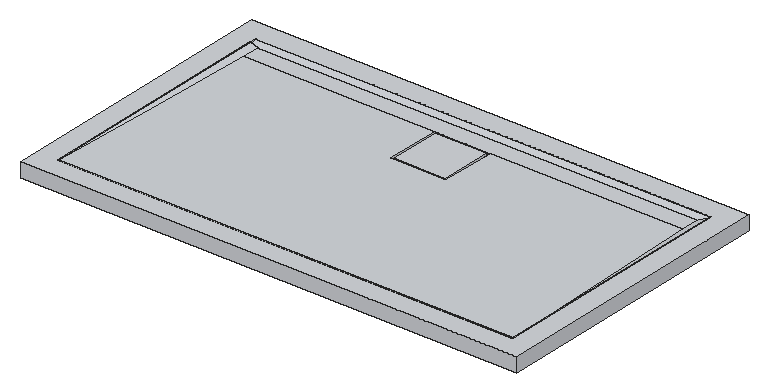
Revit family "W20AL", category Plumbing Fixtures, Revit 2016
Family settings
  Part Type = Normal
  Round Connector Dimension = Use Diameter
  Work Plane-Based = No
  Always vertical = Yes
  Cut with Voids When Loaded = No
  Shared = No
  Room Calculation Point = No
Parameters (values of type "700x1200")
  URL = "http://www.sanswiss.com/"
  Type Comments = "LIVADA"
  Model = "W20AL"
  Manufacturer = "SanSwiss"
  B = 1200 mm
  A = 700 mm
Types (10, lengths in mm): name | B | A
  (no name) | 1200 | 700
  700x1200 | 1200 | 700
  800x1400 | 1400 | 800
  700x1400 | 1400 | 700
  900x1200 | 1200 | 900
  700x1600 | 1600 | 700
  800x1200 | 1200 | 800
  800x1600 | 1600 | 800
  900x1600 | 1600 | 900
  900x1400 | 1400 | 900
Reference planes
  plane 1 "Center (Front/Back)": y = 0
  plane 2: z = 0
  plane 3 "Center (Left/Right)": x = 0
  plane 4: x = 644.146
  plane 5: x = -1000
  plane 6: y = 700
  plane 7: x = 1200
  plane 8: x = 50.38
  plane 9: x = 1149.521
  plane 10: y = 649.574
  plane 11: x = 69.661
  plane 12: x = 600
  plane 13: x = 1130.241
  plane 14: y = 630.367
  plane 15: x = 532.508
  plane 16: x = 667.508
  plane 17: y = 587.53
  plane 18: y = 452.53
  plane 19 "wgłębienie": z = 30.009
  plane 20 "top": z = 35.031
  plane 21: y = 50.045
  plane 22: x = 537.508
  plane 23: x = 662.508
  plane 24: y = 457.53
  plane 25: y = 582.53
Forms (mm)
  Extrusion 1, solid
    sketch origin (0, 0, 0) x (1, 0, 0) y (0, 1, 0)
      loop
        line (0, 0) -> (1200, 0) -> (1200, 700) -> (0, 700) -> (0, 0)
      loop
        line (50.38, 649.574) -> (50.38, 50.045) -> (1149.521, 50.045) -> (1149.521, 649.574) -> (50.38, 649.574)
    from 0 to 35.031
  Extrusion 2, void
    sketch origin (0, 0, 0) x (1, 0, 0) y (0, 1, 0)
      loop
        line (532.508, 452.53) -> (667.508, 452.53) -> (667.508, 587.53) -> (532.508, 587.53) -> (532.508, 452.53)
    from 24.09 to 64.397
  Extrusion 3, solid
    sketch origin (0, 0, 0) x (1, 0, 0) y (0, 1, 0)
      loop
        arc (540.41, 582.53) -> (538.358, 581.68) -> (537.508, 579.628) r 2.902
        line (537.508, 579.628) -> (537.508, 460.702)
        arc (537.508, 460.702) -> (538.437, 458.459) -> (540.68, 457.53) r 3.172
        line (540.68, 457.53) -> (659.43, 457.53)
        arc (659.43, 457.53) -> (661.607, 458.432) -> (662.508, 460.609) r 3.078
        line (662.508, 460.609) -> (662.508, 579.829)
        arc (662.508, 579.829) -> (661.717, 581.739) -> (659.808, 582.53) r 2.701
        line (659.808, 582.53) -> (540.41, 582.53)
    from 25.258 to 30.009
  Extrusion 4, solid
    sketch origin (0, 0, 0) x (1, 0, 0) y (0, 1, 0)
      loop
        line (1149.521, 649.574) -> (50.38, 649.574) -> (50.38, 50.045) -> (1149.521, 50.045) -> (1149.521, 649.574)
    from 0 to 35.031
  Extrusion 5, void
    sketch origin (58.5, 10.545, 23.549) x (0, -1, 0) y (0, 0, 1)
      loop
        line (-639.028, 11.483) -> (-619.822, 6.461) -> (-577.052, 6.461) -> (-39.499, 11.483) -> (-639.028, 11.483)
    from -1091.021 to 8.12
  Blend 6, solid
    base sketch origin (0, 0, 0) x (1, 0, 0) y (0, 0, 1)
      loop
        line (1130.241, 30.009) -> (1149.521, 30.009) -> (1149.521, 35.031) -> (1130.241, 30.009)
    top sketch origin (0, 0, 0) x (1, 0, 0) y (0, 0, 1)
      loop
        line (1149.521, 35.031) -> (1145.997, 34.113) -> (1149.521, 34.113) -> (1149.521, 35.031)
    from -649.574 to -50.045
  Blend 7, solid
    base sketch origin (1200, 0, 0) x (-1, 0, 0) y (0, 0, -1)
      loop
        line (1130.241, -30.009) -> (1149.62, -35.057) -> (1149.62, -30.009) -> (1130.241, -30.009)
    top sketch origin (1200, 0, 0) x (-1, 0, 0) y (0, 0, -1)
      loop
        line (1149.62, -35.057) -> (1149.62, -34.113) -> (1145.997, -34.113) -> (1149.62, -35.057)
    from -630.367 to -50.045
Cuts and joins
  Extrusion 2, Extrusion 5 cuts Extrusion 4
  Extrusion 2, Extrusion 5 cuts Extrusion 1
Dimensions and locks
  "A": plane 6 to plane 1 "Center (Front/Back)"
  "B": plane 3 "Center (Left/Right)" to plane 7
  locked: plane 6 to plane 10 at 50.426
  locked: plane 3 "Center (Left/Right)" to plane 8 at 50.38
  locked: plane 9 to plane 7 at 50.479
  equal spacing: plane 3 "Center (Left/Right)", plane 12, plane 7
  locked: plane 10 to plane 14 at 19.207
  locked: plane 13 to plane 9 at 19.28
  locked: plane 8 to plane 11 at 19.28
  locked: plane 6 to plane 17 at 112.47
  plane 15 to plane 12 to plane 16 = 67.492 mm locked, 67.508 mm locked
  locked: plane 17 to plane 18 at 135
  locked: plane 1 "Center (Front/Back)" to plane 21 at 50.045
  locked: plane 25 to plane 17 at 5
  locked: plane 15 to plane 22 at 5
  locked: plane 23 to plane 16 at 5
  locked: plane 24 to plane 18 at 5
  aligned and locked: level to plane 2
  aligned and locked: plane 1 "Center (Front/Back)" to Extrusion 1 sketch curve
  aligned and locked: Extrusion 1 sketch curve to plane 3 "Center (Left/Right)"
  aligned and locked: plane 6 to Extrusion 1 sketch curve
  aligned and locked: plane 7 to Extrusion 1 sketch curve
  aligned and locked: Extrusion 2 sketch curve to plane 18
  aligned and locked: Extrusion 2 sketch curve to plane 15
  aligned and locked: plane 17 to Extrusion 2 sketch curve
  aligned and locked: Extrusion 2 sketch curve to plane 16
  aligned and locked: Extrusion 3 sketch curve to plane 22
  aligned and locked: plane 24 to Extrusion 3 sketch curve
  aligned and locked: plane 23 to Extrusion 3 sketch curve
  aligned and locked: plane 25 to Extrusion 3 sketch curve
  aligned and locked: plane 21 to Extrusion 5 sketch curve
  aligned and locked: Extrusion 5 sketch curve to plane 20 "top"
  aligned and locked: plane 19 "wgłębienie" to Extrusion 5 sketch curve
  aligned and locked: plane 9 to Extrusion 5
  aligned and locked: Extrusion 5 to plane 8
  aligned and locked: Blend 6 to plane 10
  aligned and locked: Blend 6 to plane 21
  aligned and locked: Blend 7 sketch curve to plane 8  (x2)
  aligned and locked: plane 19 "wgłębienie" to Blend 7 sketch curve
  aligned and locked: Blend 6 sketch curve to plane 9
  aligned and locked: Blend 6 sketch curve to plane 19 "wgłębienie"
  aligned and locked: plane 14 to Blend 7
Automatic sketch dimensions
  Extrusion 1 sketch curve to plane 8 = 0 mm
  Extrusion 1 sketch curve to plane 9 = 0 mm
  Extrusion 1 sketch curve to plane 21 = 0 mm
  plane 10 to Extrusion 1 sketch curve = 0 mm
  Extrusion 3 sketch curve to Extrusion 3 sketch curve = 2.902 mm
  Extrusion 3 sketch curve to Extrusion 3 sketch curve = 3.172 mm
  plane 23 to Extrusion 3 sketch curve = 3.078 mm
  plane 23 to Extrusion 3 sketch curve = 2.701 mm
  Extrusion 4 sketch curve to plane 8 = 0 mm
  Extrusion 4 sketch curve to plane 9 = 0 mm
  Extrusion 4 sketch curve to plane 21 = 0 mm
  plane 10 to Extrusion 4 sketch curve = 0 mm
  Extrusion 5 sketch curve to plane 10 = 0 mm
  Extrusion 5 sketch curve to plane 14 = 0 mm
  plane 17 to Extrusion 5 sketch curve = 0.067 mm
  Blend 6 sketch curve to plane 13 = 0 mm
  Blend 6 sketch curve to plane 20 "top" = 0 mm  (x2)
  Blend 6 sketch curve to plane 9 = 0 mm
  plane 20 "top" to Blend 6 sketch curve = 0.918 mm
  Blend 6 sketch curve to Blend 6 sketch curve = 3.524 mm
  plane 20 "top" to Blend 7 sketch curve = 0.026 mm  (x2)
  Blend 7 sketch curve to plane 11 = 0.098 mm
  Blend 7 sketch curve to plane 20 "top" = 0.918 mm
  Blend 7 sketch curve to plane 8 = 3.622 mm
